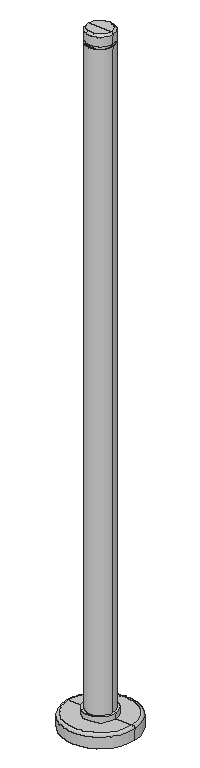
Revit family "Urbane II Ceiling Arm - 500mm", category Specialty Equipment, host Face, Revit 2019
Family settings
  Host = Face
  Round Connector Dimension = Use Radius
  Part Type = Normal
  OmniClass Number = 23.45.05.14.17
  OmniClass Title = Showers
  Cut with Voids When Loaded = No
  Shared = No
  Room Calculation Point = No
Parameters (values of type "Urbane II Ceiling Arm - 500mm - Chrome")
  URL = "https://www.caroma.com.au/"
  Model = "99640C"
  Material_Base = GWA_Metal-Chrome
  Manufacturer = "GWA Bathrooms & Kitchens"  # constant formula
  Description = "Urbane II Ceiling Arm - 500mm - Chrome"
  Default Elevation = 1000 mm
  CreatedBy_ANZRS = "GWA Bathrooms & Kitchens"  # constant formula
  Assembly Code = "D2010710"
Types (6, lengths in mm): name | Model | Material_Base | Description
  (no name) | "99640C" | GWA_Metal-Chrome | "Urbane II Ceiling Arm - 500mm - Chrome"
  Urbane II Ceiling Arm - 500mm - Chrome | "99640C" | GWA_Metal-Chrome | "Urbane II Ceiling Arm - 500mm - Chrome"
  Urbane II Ceiling Arm - 500mm - Matte Black | "99640B" | GWA-Metal-Black | "Urbane II Ceiling Arm - 500mm - Matte Black"
  Urbane II Ceiling Arm - 500mm - Brushed Brass | "99640BB" | GWA_Metal-Brushed-Brass | "Urbane II Ceiling Arm - 500mm - Brushed Brass"
  Urbane II Ceiling Arm - 500mm - Gunmetal | "99640GM" | GWA-Metal-Gunmetal Grey | "Urbane II Ceiling Arm - 500mm - Gunmetal"
  Urbane II Ceiling Arm - 500mm - Brushed Nickel | "99640BN" | GWA_Metal-Brushed-Nickel | "Urbane II Ceiling Arm - 500mm - Brushed Nickel"
Reference planes
  plane 1 "Center (Front/Back)": y = 0
  plane 2: z = 0
  plane 3 "Center (Left/Right)": x = 0
Forms (mm)
  Revolve 1, solid, material "GWA_Metal-Chrome" <- "Material_Base"
    sketch origin (0, 0, 0) x (1, 0, 0) y (0, 0, 1)
      loop
        line (0, 0) -> (27.5, 0) -> (27.5, 8)
        arc (27.5, 8) -> (26.914, 9.414) -> (25.5, 10) r 2
        line (25.5, 10) -> (0, 10) -> (0, 0)
      axis (0, 10) -> (0, 0)
    angle from 0 to 360
  Extrusion 2, solid, material "GWA_Metal-Chrome" <- "Material_Base"
    sketch origin (0, 0, 0) x (1, 0, 0) y (0, 1, 0)
      loop
        circle (0, 0) r 12.25
    from 10 to 14
  Revolve 3, solid, material "GWA_Metal-Chrome" <- "Material_Base"
    sketch origin (0, 0, 405.085) x (1, 0, 0) y (0, 0, 1)
      loop
        line (0, 84.315) -> (9.2, 84.315) -> (9.2, 86.615) -> (10.3, 86.615) -> (10.3, 93.115) -> (8.8, 94.615) -> (0, 94.615) -> (0, 84.315)
      axis (0, 94.615) -> (0, 84.315)
    angle from 0 to 360
  Extrusion 4, solid, material "GWA_Metal-Chrome" <- "Material_Base"
    sketch origin (0, 0, 0) x (1, 0, 0) y (0, 1, 0)
      loop
        circle (0, 0) r 10.3
    from 14 to 489.4
Lines and regions (mm)
  Masking region 1
    outline origin (0, 0, 0) x (1, 0, 0) y (0, 0, 1)
      loop
        line (-9.2, 489.4) -> (-10.3, 489.4) -> (-10.3, 14) -> (-12.25, 14) -> (-12.25, 10) -> (-25.5, 10)
        arc (-25.5, 10) -> (-26.914, 9.414) -> (-27.5, 8) r 2
        line (-27.5, 8) -> (-27.5, 0) -> (27.5, 0) -> (27.5, 8)
        arc (27.5, 8) -> (26.914, 9.414) -> (25.5, 10) r 2
        line (25.5, 10) -> (12.25, 10) -> (12.25, 14) -> (10.3, 14) -> (10.3, 489.4) -> (9.2, 489.4) -> (9.2, 491.7) -> (10.3, 491.7) -> (10.3, 498.2) -> (8.8, 499.7) -> (-8.8, 499.7) -> (-10.3, 498.2) -> (-10.3, 491.7) -> (-9.2, 491.7) -> (-9.2, 489.4)
  Masking region 2
    outline origin (0, 0, 0) x (0, 1, 0) y (0, 0, 1)
      loop
        line (-27.5, 8) -> (-27.5, 0) -> (27.5, 0) -> (27.5, 8)
        arc (27.5, 8) -> (26.914, 9.414) -> (25.5, 10) r 2
        line (25.5, 10) -> (12.25, 10) -> (12.25, 14) -> (10.3, 14) -> (10.3, 489.4) -> (9.2, 489.4) -> (9.2, 491.7) -> (10.3, 491.7) -> (10.3, 498.2) -> (8.8, 499.7) -> (-8.8, 499.7) -> (-10.3, 498.2) -> (-10.3, 491.7) -> (-9.2, 491.7) -> (-9.2, 489.4) -> (-10.3, 489.4) -> (-10.3, 14) -> (-12.25, 14) -> (-12.25, 10) -> (-25.5, 10)
        arc (-25.5, 10) -> (-26.914, 9.414) -> (-27.5, 8) r 2
  Masking region 3
    outline origin (0, 0, 0) x (1, 0, 0) y (0, 1, 0)
      loop
        circle (0, 0) r 27.5
  symbolic lines
    curve 1: line (27.5, 0, 0) -> (27.5, 0, 8)
    curve 2: line (25.5, 0, 10) -> (-25.5, 0, 10)
    curve 3: line (-27.5, 0, 8) -> (-27.5, 0, 0)
    curve 4: line (-27.5, 0, 0) -> (27.5, 0, 0)
    curve 5: arc (-27.5, 0, 8) -> (-26.914, 0, 9.414) -> (-25.5, 0, 10) r 2
    curve 6: arc (25.5, 0, 10) -> (26.914, 0, 9.414) -> (27.5, 0, 8) r 2
    curve 7: line (-12.25, 0, 10) -> (-12.25, 0, 14)
    curve 8: line (-12.25, 0, 14) -> (12.25, 0, 14)
    curve 9: line (12.25, 0, 14) -> (12.25, 0, 10)
    curve 10: line (-10.3, 0, 14) -> (-10.3, 0, 489.4)
    curve 11: line (-10.3, 0, 489.4) -> (10.3, 0, 489.4)
    curve 12: line (10.3, 0, 489.4) -> (10.3, 0, 14)
    curve 13: line (-9.2, 0, 489.4) -> (-9.2, 0, 491.7)
    curve 14: line (10.3, 0, 491.7) -> (-10.3, 0, 491.7)
    curve 15: line (-10.3, 0, 491.7) -> (-10.3, 0, 498.2)
    curve 16: line (-10.3, 0, 498.2) -> (-8.8, 0, 499.7)
    curve 17: line (-8.8, 0, 499.7) -> (8.8, 0, 499.7)
    curve 18: line (8.8, 0, 499.7) -> (10.3, 0, 498.2)
    curve 19: line (10.3, 0, 498.2) -> (10.3, 0, 491.7)
    curve 20: line (9.2, 0, 491.7) -> (9.2, 0, 489.4)
    curve 21: line (10.3, 0, 498.2) -> (-10.3, 0, 498.2)
    curve 22: line (0, -27.5, 0) -> (0, 27.5, 0)
    curve 23: line (0, -27.5, 8) -> (0, -27.5, 0)
    curve 24: line (0, 25.5, 10) -> (0, -25.5, 10)
    curve 25: line (0, 27.5, 0) -> (0, 27.5, 8)
    curve 26: line (0, -12.25, 14) -> (0, 12.25, 14)
    curve 27: line (0, 12.25, 14) -> (0, 12.25, 10)
    curve 28: line (0, -12.25, 14) -> (0, -12.25, 10)
    curve 29: line (0, -10.3, 14) -> (0, -10.3, 489.4)
    curve 30: line (0, 10.3, 14) -> (0, 10.3, 489.4)
    curve 31: line (0, 9.2, 489.4) -> (0, 9.2, 491.7)
    curve 32: line (0, -8.8, 499.7) -> (0, 8.8, 499.7)
    curve 33: line (0, 10.3, 498.2) -> (0, 10.3, 491.7)
    curve 34: line (0, 10.3, 491.7) -> (0, -10.3, 491.7)
    curve 35: line (0, 10.3, 498.2) -> (0, -10.3, 498.2)
    curve 36: line (0, -10.3, 498.2) -> (0, -10.3, 491.7)
    curve 37: line (0, -10.3, 498.2) -> (0, -8.8, 499.7)
    curve 38: line (0, 8.8, 499.7) -> (0, 10.3, 498.2)
    curve 39: line (0, -9.2, 489.4) -> (0, -9.2, 491.7)
    curve 40: line (0, -10.3, 489.4) -> (0, 10.3, 489.4)
    curve 41: arc (0, -27.5, 8) -> (0, -26.914, 9.414) -> (0, -25.5, 10) r 2
    curve 42: arc (0, 25.5, 10) -> (0, 26.914, 9.414) -> (0, 27.5, 8) r 2
    curve 43: circle (0, 0, 0) r 27.5 normal (0, 0, 1)
    curve 44: circle (0, 0, 0) r 12.25 normal (0, 0, 1)
    curve 45: circle (0, 0, 0) r 10.3 normal (0, 0, 1)
    curve 46: circle (0, 0, 0) r 8.8 normal (0, 0, 1)
Dimensions and locks
  aligned and locked: plane 2 to host face
  aligned and locked: level to host face
